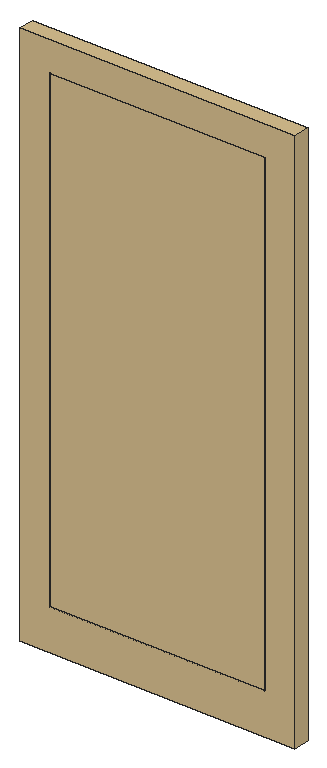
Revit family "WST_A3-Shutter-1200-(NZ)", category Generic Models, host Wall, Revit 2016
Family settings
  Host = Wall
  Part Type = Undefined
  Can host rebar = No
  Round Connector Dimension = Use Diameter
  Always vertical = Yes
  Cut with Voids When Loaded = No
  Shared = No
  Room Calculation Point = No
Parameters (values of type "1200 Height")
  Width [instance] = 600 mm
  Offset = 50 mm
  Height = 1200 mm
  Head Height [instance] = 2100 mm
Reference planes
  plane 1 "Wall": y = 0
  plane 2 "Center (Left/Right)": x = 109.003
  plane 3 "Back": y = 75
  plane 4: z = 2100
  plane 5: z = 900
  plane 6: x = 409.003
  plane 7: x = -190.997
  plane 8: z = 2035
  plane 9: z = 990
  plane 10: x = 344.003
  plane 11: x = -125.997
  plane 12 "Offset": y = 125
Forms (mm)
  Extrusion 1, solid
    sketch origin (0, 125, 0) x (1, 0, 0) y (0, 0, 1)
      loop
        line (409.003, 900) -> (409.003, 2100) -> (-190.997, 2100) -> (-190.997, 900) -> (409.003, 900)
      loop
        line (344.003, 990) -> (344.003, 2035) -> (-125.997, 2035) -> (-125.997, 990) -> (344.003, 990)
    from 0 to 35
  Extrusion 2, solid
    sketch origin (0, 125, 0) x (1, 0, 0) y (0, 0, 1)
      loop
        line (344.003, 990) -> (344.003, 2035) -> (-125.997, 2035) -> (-125.997, 990) -> (344.003, 990)
    from 17.363 to 35
Lines and regions (mm)
  model lines
    curve 1: line (344.003, 107.637, 1035) -> (-125.997, 107.637, 1035)
    curve 2: line (344.003, 107.637, 1080) -> (-125.997, 107.637, 1080)
    curve 3: line (344.003, 107.637, 1125) -> (-125.997, 107.637, 1125)
    curve 4: line (344.003, 107.637, 1170) -> (-125.997, 107.637, 1170)
    curve 5: line (344.003, 107.637, 1215) -> (-125.997, 107.637, 1215)
    curve 6: line (344.003, 107.637, 1260) -> (-125.997, 107.637, 1260)
    curve 7: line (344.003, 107.637, 1305) -> (-125.997, 107.637, 1305)
    curve 8: line (344.003, 107.637, 1350) -> (-125.997, 107.637, 1350)
    curve 9: line (344.003, 107.637, 1395) -> (-125.997, 107.637, 1395)
    curve 10: line (344.003, 107.637, 1440) -> (-125.997, 107.637, 1440)
    curve 11: line (344.003, 107.637, 1485) -> (-125.997, 107.637, 1485)
    curve 12: line (344.003, 107.637, 1530) -> (-125.997, 107.637, 1530)
    curve 13: line (344.003, 107.637, 1575) -> (-125.997, 107.637, 1575)
    curve 14: line (344.003, 107.637, 1620) -> (-125.997, 107.637, 1620)
    curve 15: line (344.003, 107.637, 1665) -> (-125.997, 107.637, 1665)
    curve 16: line (344.003, 107.637, 1710) -> (-125.997, 107.637, 1710)
    curve 17: line (344.003, 107.637, 1755) -> (-125.997, 107.637, 1755)
    curve 18: line (344.003, 107.637, 1800) -> (-125.997, 107.637, 1800)
    curve 19: line (344.003, 107.637, 1845) -> (-125.997, 107.637, 1845)
    curve 20: line (344.003, 107.637, 1890) -> (-125.997, 107.637, 1890)
    curve 21: line (344.003, 107.637, 1935) -> (-125.997, 107.637, 1935)
    curve 22: line (344.003, 107.637, 1980) -> (-125.997, 107.637, 1980)
Text (mm)
  text "Placement side" at (-1848.837, 1116.779, 0), in view "Ref. Level"
  text "Placement side" at (0, 1409.804, 2854.306), in view "Left"
  text "Placement side" at (0, 499.811, 2980.732), in view "Right"
Dimensions and locks
  locked: plane 3 "Back" to host wall
  "Head Height": level to plane 4
  "Height": plane 5 to plane 4
  "Width": plane 7 to plane 6
  plane 7 to plane 11 = 65 mm
  plane 10 to plane 6 = 65 mm
  plane 5 to plane 9 = 90 mm
  plane 8 to plane 4 = 65 mm
  equal spacing: plane 7, plane 2 "Center (Left/Right)", plane 6
  "Offset": plane 3 "Back" to plane 12 "Offset"
  aligned and locked: plane 1 "Wall" to host wall
  aligned and locked: plane 6 to Extrusion 1 sketch curve  (x2)
  aligned and locked: Extrusion 1 sketch curve to plane 5
  aligned and locked: Extrusion 1 sketch curve to plane 7
  aligned and locked: plane 4 to Extrusion 1 sketch curve
  aligned and locked: plane 10 to Extrusion 1 sketch curve
  aligned and locked: Extrusion 1 sketch curve to plane 9
  aligned and locked: plane 8 to Extrusion 1 sketch curve
  aligned and locked: plane 11 to Extrusion 1 sketch curve
  aligned and locked: Extrusion 2 sketch curve to Extrusion 1  (x4)
  aligned and locked: Extrusion 1 to Extrusion 2
  aligned and locked: plane 11 to curve 22
  aligned and locked: plane 10 to curve 10
Automatic sketch dimensions
  Extrusion 1 sketch curve to plane 5 = 0 mm
  curve 22 to plane 10 = 0 mm
  curve 21 to plane 10 = 0 mm
  curve 21 to plane 11 = 0 mm
  curve 20 to plane 11 = 0 mm
  curve 20 to plane 10 = 0 mm
  curve 19 to plane 10 = 0 mm
  curve 19 to plane 11 = 0 mm
  curve 18 to plane 10 = 0 mm
  curve 18 to plane 11 = 0 mm
  curve 17 to plane 11 = 0 mm
  curve 17 to plane 10 = 0 mm
  curve 16 to plane 10 = 0 mm
  curve 16 to plane 11 = 0 mm
  curve 15 to plane 10 = 0 mm
  curve 15 to plane 11 = 0 mm
  curve 14 to plane 10 = 0 mm
  curve 14 to plane 11 = 0 mm
  curve 13 to plane 10 = 0 mm
  curve 13 to plane 11 = 0 mm
  curve 12 to plane 11 = 0 mm
  curve 12 to plane 10 = 0 mm
  curve 11 to plane 10 = 0 mm
  curve 11 to plane 11 = 0 mm
  curve 10 to plane 11 = 0 mm
  curve 9 to plane 11 = 0 mm
  curve 9 to plane 10 = 0 mm
  curve 8 to plane 10 = 0 mm
  curve 8 to plane 11 = 0 mm
  curve 7 to plane 10 = 0 mm
  curve 7 to plane 11 = 0 mm
  curve 6 to plane 11 = 0 mm
  curve 6 to plane 10 = 0 mm
  curve 5 to plane 10 = 0 mm
  curve 5 to plane 11 = 0 mm
  curve 4 to plane 10 = 0 mm
  curve 4 to plane 11 = 0 mm
  curve 3 to plane 11 = 0 mm
  curve 3 to plane 10 = 0 mm
  curve 2 to plane 10 = 0 mm
  curve 2 to plane 11 = 0 mm
  curve 1 to plane 10 = 0 mm
  curve 1 to plane 11 = 0 mm
  plane 8 to curve 22 = 55 mm
  curve 22 to curve 21 = 45 mm
  curve 21 to curve 20 = 45 mm
  curve 20 to curve 19 = 45 mm
  curve 19 to curve 18 = 45 mm
  curve 18 to curve 17 = 45 mm
  curve 17 to curve 16 = 45 mm
  curve 16 to curve 15 = 45 mm
  curve 15 to curve 14 = 45 mm
  curve 14 to curve 13 = 45 mm
  curve 13 to curve 12 = 45 mm
  curve 12 to curve 11 = 45 mm
  curve 11 to curve 10 = 45 mm
  curve 10 to curve 9 = 45 mm
  curve 9 to curve 8 = 45 mm
  curve 8 to curve 7 = 45 mm
  curve 7 to curve 6 = 45 mm
  curve 6 to curve 5 = 45 mm
  curve 5 to curve 4 = 45 mm
  curve 4 to curve 3 = 45 mm
  curve 3 to curve 2 = 45 mm
  curve 2 to curve 1 = 45 mm
  curve 10 to plane 10 = 0 mm
